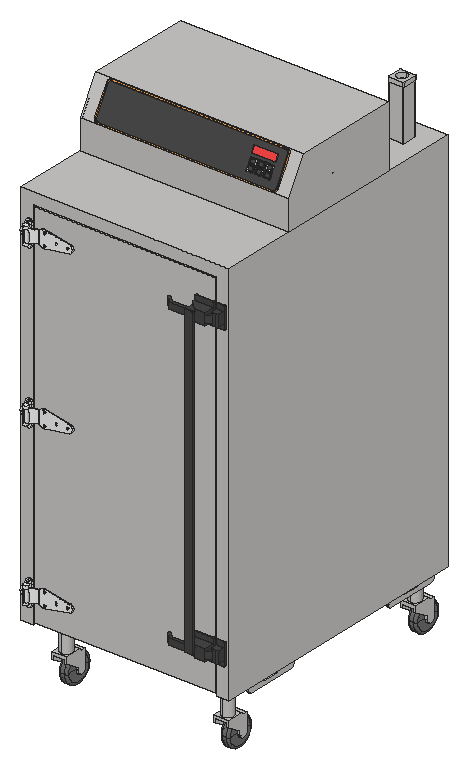
Revit family "QF_Southern Pride_SC-300", category Specialty Equipment, Revit 2019 (continued)
Forms (in)
  Extrusion 16, solid, material "QF_Stainless-Polished"
    sketch origin (-16.56573, 0, 0) x (0, 1, 0) y (0, 0, 1)
      loop
        arc (-26.6875, 7.1875) -> (-26.96875, 7.46875) -> (-26.6875, 7.75) r 0.28125
        line (-26.6875, 7.75) -> (-29.0625, 7.75)
      loop
        line (-8.25, 7.75) -> (-8.25, 7.25)
        arc (-8.25, 7.25) -> (-8.10355, 6.89645) -> (-7.75, 6.75) r 0.5
        line (-7.75, 6.75) -> (-2, 6.75)
        arc (-2, 6.75) -> (-1.64645, 6.89645) -> (-1.5, 7.25) r 0.5
        line (-1.5, 7.25) -> (-1.5, 7.75) -> (-3.875, 7.75)
        arc (-3.875, 7.75) -> (-3.59375, 7.46875) -> (-3.875, 7.1875) r 0.28125
        line (-3.875, 7.1875) -> (-5.875, 7.1875)
        arc (-5.875, 7.1875) -> (-6.15625, 7.46875) -> (-5.875, 7.75) r 0.28125
        line (-5.875, 7.75) -> (-8.25, 7.75)
    from 0.438 to 0.625
  Extrusion 17, solid, material "QF_Stainless-Polished"
    sketch origin (8.18427, 0, 0) x (0, 1, 0) y (0, 0, 1)
      loop
        line (-29.0625, 7.75) -> (-29.0625, 7.25)
        arc (-29.0625, 7.25) -> (-28.91605, 6.89645) -> (-28.5625, 6.75) r 0.5
        line (-28.5625, 6.75) -> (-22.8125, 6.75)
        arc (-22.8125, 6.75) -> (-22.45895, 6.89645) -> (-22.3125, 7.25) r 0.5
        line (-22.3125, 7.25) -> (-22.3125, 7.75) -> (-24.6875, 7.75)
        arc (-24.6875, 7.75) -> (-24.40625, 7.46875) -> (-24.6875, 7.1875) r 0.28125
        line (-24.6875, 7.1875) -> (-26.6875, 7.1875)
        arc (-26.6875, 7.1875) -> (-26.96875, 7.46875) -> (-26.6875, 7.75) r 0.28125
        line (-26.6875, 7.75) -> (-29.0625, 7.75)
      loop
        line (-8.25, 7.75) -> (-8.25, 7.25)
        arc (-8.25, 7.25) -> (-8.10355, 6.89645) -> (-7.75, 6.75) r 0.5
        line (-7.75, 6.75) -> (-2, 6.75)
        arc (-2, 6.75) -> (-1.64645, 6.89645) -> (-1.5, 7.25) r 0.5
        line (-1.5, 7.25) -> (-1.5, 7.75) -> (-3.875, 7.75)
        arc (-3.875, 7.75) -> (-3.59375, 7.46875) -> (-3.875, 7.1875) r 0.28125
        line (-3.875, 7.1875) -> (-5.875, 7.1875)
        arc (-5.875, 7.1875) -> (-6.15625, 7.46875) -> (-5.875, 7.75) r 0.28125
        line (-5.875, 7.75) -> (-8.25, 7.75)
    from -0.438 to -0.625
  Extrusion 18, solid, material "QF_Stainless-Polished"
    sketch origin (0, 0, 0) x (1, 0, 0) y (0, 0, 1)
      loop
        circle (5.93427, 13.375) r 0.125
    from 0 to -0.063
Cuts and joins
  joined: Extrusion 1, Extrusion 2
  Extrusion 7 cuts Extrusion 4
  Extrusion 7 cuts Extrusion 5
  Extrusion 7 cuts Extrusion 6
  joined: Extrusion 4, Extrusion 5, Extrusion 6
Lines and regions (in)
  symbolic lines
    curve 1: line (-16.56573, 0, 53.875) -> (8.18427, 0, 53.875)
    curve 2: line (-16.56573, -32.5, 53.875) -> (-16.56573, 0, 53.875)
    curve 3: line (8.18427, -32.5, 53.875) -> (-16.56573, -32.5, 53.875)
    curve 4: line (8.18427, 0, 53.875) -> (8.18427, -32.5, 53.875)
    curve 5: line (-16.56573, -23.625, 53.875) -> (8.18427, -23.625, 53.875)
    curve 6: line (8.18427, -8.75, 53.875) -> (-16.56573, -8.75, 53.875)
    curve 7: line (-16.56573, -21.375, 53.875) -> (8.18427, -21.375, 53.875)
    curve 8: line (5.99677, -2.0625, 53.875) -> (4.37177, -2.0625, 53.875)
    curve 9: line (4.24677, -2.1875, 53.875) -> (4.24677, -3.8125, 53.875)
    curve 10: arc (4.37177, -2.0625, 53.875) -> (4.28339, -2.09911, 53.875) -> (4.24677, -2.1875, 53.875) r 0.125
    curve 11: arc (6.12177, -2.1875, 53.875) -> (6.08516, -2.09911, 53.875) -> (5.99677, -2.0625, 53.875) r 0.125
    curve 12: line (6.12177, -3.8125, 53.875) -> (6.12177, -2.1875, 53.875)
    curve 13: arc (5.99677, -3.9375, 53.875) -> (6.08516, -3.90089, 53.875) -> (6.12177, -3.8125, 53.875) r 0.125
    curve 14: line (4.37177, -3.9375, 53.875) -> (5.99677, -3.9375, 53.875)
    curve 15: arc (4.24677, -3.8125, 53.875) -> (4.28339, -3.90089, 53.875) -> (4.37177, -3.9375, 53.875) r 0.125
    curve 16: arc (5.18427, -3.625, 53.875) -> (4.55927, -3, 53.875) -> (5.18427, -2.375, 53.875) r 0.625
    curve 17: arc (5.18427, -2.375, 53.875) -> (5.80927, -3, 53.875) -> (5.18427, -3.625, 53.875) r 0.625
Dimensions and locks (in)
  locked: plane 4 "RIGHT" to plane 3 "LEFT" at 24.75
  locked: plane 5 "FRONT" to plane 1 "BACK" at 32.5
  locked: plane 6 "TOP" to plane 2 at 61.25
  locked: plane 7 "Box Bottom" to level at 7.75
  locked: plane 6 "TOP" to plane 8 "Box Top" at 7.375
  locked: plane 9 "Door Back" to plane 5 "FRONT" at 1
  locked: plane 8 "Box Top" to plane 10 "Door Top" at 1.5
  equal spacing: plane 3 "LEFT", plane 11 "Center LR", plane 4 "RIGHT"
  locked: plane 12 "Door Left" to plane 13 "Door Right" at 21.5
  equal spacing: plane 12 "Door Left", plane 11 "Center LR", plane 13 "Door Right"
  locked: plane 14 "Door Bottom" to plane 7 "Box Bottom" at 0.25
  locked: plane 12 "Door Left" to Extrusion 1 sketch curve at 0.125
  locked: Extrusion 1 sketch curve to plane 13 "Door Right" at 0.125
  locked: Extrusion 1 sketch curve to plane 10 "Door Top" at 0.125
  locked: plane 12 "Door Left" to Extrusion 2 sketch curve at 0.125
  locked: Extrusion 2 sketch curve to plane 10 "Door Top" at 0.125
  locked: plane 13 "Door Right" to Extrusion 2 sketch curve at 0.125
  locked: plane 15 "Top Front" to plane 5 "FRONT" at 8.875
  locked: plane 16 "Top Back" to plane 15 "Top Front" at 14.875
  locked: plane 6 "TOP" to Extrusion 4 sketch curve at 3.875
  locked: plane 15 "Top Front" to Extrusion 4 sketch curve at 2.23723
  locked: Extrusion 4 sketch curve to plane 16 "Top Back" at 0.125
  locked: plane 6 "TOP" to Extrusion 4 sketch curve at 0.125
  locked: plane 15 "Top Front" to Extrusion 4 sketch curve at 0.125
  locked: plane 15 "Top Front" to Extrusion 4 sketch curve at 2.3094
  locked: plane 6 "TOP" to Extrusion 4 sketch curve at 3.90849
  locked: plane 17 "Flue Top" to plane 8 "Box Top" at 6.5625
  locked: plane 17 "Flue Top" to plane 18 "Flue Top Bottom" at 0.5
  locked: plane 20 "Flue CL FB" to plane 1 "BACK" at 3
  locked: plane 19 "Flue CL LR" to plane 4 "RIGHT" at 3
  locked: plane 21 "Lower Back" to plane 1 "BACK" at 2.25
  locked: plane 22 "Lower Front" to plane 21 "Lower Back" at 26.125
  Extrusion 14 sketch curve to plane 11 "Center LR" to Extrusion 14 sketch curve = 9.750" locked, 9.750" locked
  locked: plane 3 "LEFT" to nested 2 at 2.75
  locked: nested 4 to plane 4 "RIGHT" at 2.75
  locked: nested 2 to plane 1 "BACK" at 1.375
  locked: nested 4 to plane 1 "BACK" at 1.375
  locked: plane 3 "LEFT" to nested 3 at 2.75
  locked: nested 5 to plane 4 "RIGHT" at 2.75
  locked: nested 3 to plane 5 "FRONT" at 3.25
  locked: nested 5 to plane 5 "FRONT" at 3.25
  plane 3 "LEFT" to Extrusion 3 sketch curve = 2.750"
  locked: Extrusion 3 sketch curve to plane 1 "BACK" at 1.375  (x2)
  locked: Extrusion 3 sketch curve to plane 4 "RIGHT" at 2.75  (x2)
  locked: Extrusion 3 sketch curve to plane 5 "FRONT" at 3.25  (x2)
  locked: plane 3 "LEFT" to Extrusion 3 sketch curve at 2.75
  locked: plane 7 "Box Bottom" to Extrusion 18 sketch curve at 5.625
  locked: plane 4 "RIGHT" to Extrusion 18 sketch curve at 2.25
  aligned and locked: level to plane 2
  aligned and locked: Extrusion 1 sketch curve to plane 8 "Box Top"
  aligned and locked: plane 3 "LEFT" to Extrusion 1 sketch curve
  aligned and locked: Extrusion 1 sketch curve to plane 4 "RIGHT"
  aligned and locked: plane 7 "Box Bottom" to Extrusion 1 sketch curve
  aligned and locked: Extrusion 1 sketch curve to plane 7 "Box Bottom"
  aligned and locked: Extrusion 1 to plane 5 "FRONT"
  aligned and locked: plane 7 "Box Bottom" to Extrusion 2 sketch curve
  aligned and locked: Extrusion 2 to plane 9 "Door Back"
  aligned and locked: plane 12 "Door Left" to nested 1
  aligned and locked: plane 13 "Door Right" to nested 1
  aligned and locked: plane 14 "Door Bottom" to nested 1
  aligned and locked: plane 10 "Door Top" to nested 1
  aligned and locked: Extrusion 3 to nested 2
  aligned and locked: plane 6 "TOP" to Extrusion 4 sketch curve
  aligned and locked: plane 16 "Top Back" to Extrusion 4 sketch curve
  aligned and locked: plane 15 "Top Front" to Extrusion 4 sketch curve
  aligned and locked: Extrusion 4 sketch curve to plane 8 "Box Top"  (x2)
  aligned and locked: plane 4 "RIGHT" to Extrusion 4
  aligned and locked: plane 17 "Flue Top" to Extrusion 12
  aligned and locked: plane 18 "Flue Top Bottom" to Extrusion 13
  aligned and locked: nested 6 to plane 10 "Door Top"
  aligned and locked: nested 6 to plane 14 "Door Bottom"
  aligned and locked: plane 12 "Door Left" to nested 6
  aligned and locked: plane 13 "Door Right" to nested 6
  aligned and locked: plane 1 "BACK" to curve 1
  aligned and locked: plane 3 "LEFT" to curve 2
  aligned and locked: plane 5 "FRONT" to curve 3
  aligned and locked: curve 4 to plane 4 "RIGHT"
  aligned and locked: plane 16 "Top Back" to curve 6
  aligned and locked: curve 5 to plane 15 "Top Front"
  aligned and locked: plane 22 "Lower Front" to Extrusion 14
  aligned and locked: plane 22 "Lower Front" to Extrusion 15
Automatic sketch dimensions
  Extrusion 5 sketch curve to plane 8 "Box Top" = 0.000"
  plane 15 "Top Front" to Extrusion 5 sketch curve = 0.125"
  plane 15 "Top Front" to Extrusion 5 sketch curve = 1.500"
  Extrusion 5 sketch curve to Extrusion 5 sketch curve = 0.0625"  (x38)
  Extrusion 5 sketch curve to Extrusion 5 sketch curve = 0.250"  (x60)
  Extrusion 5 sketch curve to plane 6 "TOP" = 0.125"
  Extrusion 5 sketch curve to Extrusion 5 sketch curve = 0.0594"
  Extrusion 5 sketch curve to Extrusion 5 sketch curve = 0.750"  (x37)
  Extrusion 5 sketch curve to Extrusion 5 sketch curve = 1.125"  (x2)
  Extrusion 5 sketch curve to plane 16 "Top Back" = 0.125"
  plane 8 "Box Top" to Extrusion 5 sketch curve = 1.750"  (x2)
  Extrusion 5 sketch curve to Extrusion 5 sketch curve = 0.000"  (x5)
  Extrusion 5 sketch curve to Extrusion 5 sketch curve = 0.96651"
  Extrusion 5 sketch curve to plane 18 "Flue Top Bottom" = 0.3125"  (x7)
  Extrusion 6 sketch curve to plane 8 "Box Top" = 0.000"
  plane 15 "Top Front" to Extrusion 6 sketch curve = 0.125"
  plane 15 "Top Front" to Extrusion 6 sketch curve = 1.500"
  Extrusion 6 sketch curve to Extrusion 6 sketch curve = 0.0625"  (x38)
  Extrusion 6 sketch curve to Extrusion 6 sketch curve = 0.250"  (x60)
  Extrusion 6 sketch curve to plane 6 "TOP" = 0.125"
  Extrusion 6 sketch curve to Extrusion 6 sketch curve = 0.0594"
  Extrusion 6 sketch curve to Extrusion 6 sketch curve = 0.750"  (x37)
  Extrusion 6 sketch curve to Extrusion 6 sketch curve = 1.125"  (x2)
  Extrusion 6 sketch curve to plane 16 "Top Back" = 0.125"
  plane 8 "Box Top" to Extrusion 6 sketch curve = 1.750"  (x2)
  Extrusion 6 sketch curve to Extrusion 6 sketch curve = 0.000"  (x5)
  Extrusion 6 sketch curve to Extrusion 6 sketch curve = 0.96651"
  Extrusion 6 sketch curve to plane 18 "Flue Top Bottom" = 0.3125"  (x7)
  Extrusion 7 sketch curve to plane 19 "Flue CL LR" = 0.000"
  Extrusion 7 sketch curve to plane 11 "Center LR" = 0.000"
  Extrusion 7 sketch curve to Extrusion 7 sketch curve = 0.0625"  (x68)
  plane 19 "Flue CL LR" to Extrusion 7 sketch curve = 0.3125"
  Extrusion 7 sketch curve to plane 13 "Door Right" = 0.6875"
  Extrusion 7 sketch curve to plane 13 "Door Right" = 0.3125"
  Extrusion 7 sketch curve to plane 13 "Door Right" = 0.1875"
  plane 13 "Door Right" to Extrusion 7 sketch curve = 0.1875"
  Extrusion 7 sketch curve to plane 19 "Flue CL LR" = 0.3125"
  Extrusion 7 sketch curve to plane 19 "Flue CL LR" = 0.4375"
  Extrusion 7 sketch curve to Extrusion 7 sketch curve = 0.250"  (x96)
  Extrusion 7 sketch curve to Extrusion 7 sketch curve = 0.750"  (x64)
  Extrusion 7 sketch curve to Extrusion 7 sketch curve = 1.125"  (x5)
  plane 11 "Center LR" to Extrusion 7 sketch curve = 0.8125"
  plane 11 "Center LR" to Extrusion 7 sketch curve = 0.4375"
  plane 11 "Center LR" to Extrusion 7 sketch curve = 0.0625"
  Extrusion 7 sketch curve to plane 11 "Center LR" = 0.3125"
  Extrusion 7 sketch curve to plane 11 "Center LR" = 0.6875"
  Extrusion 7 sketch curve to plane 11 "Center LR" = 0.8125"
  Extrusion 7 sketch curve to plane 18 "Flue Top Bottom" = 0.3125"  (x14)
  plane 12 "Door Left" to Extrusion 7 sketch curve = 0.3125"
  plane 12 "Door Left" to Extrusion 7 sketch curve = 0.1875"
  Extrusion 7 sketch curve to plane 12 "Door Left" = 0.1875"
  Extrusion 7 sketch curve to plane 18 "Flue Top Bottom" = 1.0625"  (x9)
  Extrusion 7 sketch curve to Extrusion 7 sketch curve = 0.500"
  Extrusion 7 sketch curve to Extrusion 7 sketch curve = 0.000"
  Extrusion 8 sketch curve to Extrusion 8 sketch curve = 0.000"  (x8)
  Extrusion 8 sketch curve to plane 13 "Door Right" = 0.000"
  Extrusion 8 sketch curve to plane 12 "Door Left" = 0.000"
  plane 13 "Door Right" to Extrusion 8 sketch curve = 0.125"
  Extrusion 8 sketch curve to Extrusion 8 sketch curve = 0.375"  (x2)
  plane 12 "Door Left" to Extrusion 8 sketch curve = 0.375"  (x2)
  Extrusion 8 sketch curve to Extrusion 8 sketch curve = 3.3875"
  Extrusion 9 sketch curve to plane 13 "Door Right" = 0.000"
  Extrusion 9 sketch curve to plane 12 "Door Left" = 0.000"
  Extrusion 9 sketch curve to Extrusion 9 sketch curve = 0.375"  (x2)
  Extrusion 9 sketch curve to plane 13 "Door Right" = 0.375"
  plane 19 "Flue CL LR" to Extrusion 9 sketch curve = 0.375"
  plane 19 "Flue CL LR" to Extrusion 9 sketch curve = 0.3125"  (x2)
  Extrusion 9 sketch curve to Extrusion 9 sketch curve = 0.063"  (x24)
  Extrusion 9 sketch curve to plane 19 "Flue CL LR" = 0.3745"
  Extrusion 9 sketch curve to Extrusion 9 sketch curve = 0.000"  (x6)
  Extrusion 9 sketch curve to Extrusion 9 sketch curve = 0.250"  (x3)
  Extrusion 9 sketch curve to Extrusion 9 sketch curve = 0.624"  (x3)
  Extrusion 9 sketch curve to Extrusion 9 sketch curve = 0.0625"
  plane 12 "Door Left" to Extrusion 9 sketch curve = 0.375"  (x2)
  Extrusion 9 sketch curve to Extrusion 9 sketch curve = 0.50625"
  Extrusion 9 sketch curve to Extrusion 9 sketch curve = 0.499"  (x5)
  Extrusion 9 sketch curve to Extrusion 9 sketch curve = 0.125"  (x3)
  Extrusion 9 sketch curve to Extrusion 9 sketch curve = 0.750"
  Extrusion 9 sketch curve to Extrusion 9 sketch curve = 0.38125"
  plane 19 "Flue CL LR" to Extrusion 10 sketch curve = 0.375"
  Extrusion 10 sketch curve to plane 19 "Flue CL LR" = 2.500"
  Extrusion 10 sketch curve to Extrusion 10 sketch curve = 0.750"
  plane 19 "Flue CL LR" to Extrusion 11 sketch curve = 0.3125"
  Extrusion 11 sketch curve to Extrusion 11 sketch curve = 0.000"  (x6)
  Extrusion 11 sketch curve to Extrusion 11 sketch curve = 0.063"  (x24)
  Extrusion 11 sketch curve to plane 19 "Flue CL LR" = 0.3745"  (x2)
  Extrusion 11 sketch curve to Extrusion 11 sketch curve = 0.250"  (x3)
  Extrusion 11 sketch curve to Extrusion 11 sketch curve = 0.624"  (x3)
  Extrusion 11 sketch curve to Extrusion 11 sketch curve = 0.499"  (x5)
  Extrusion 11 sketch curve to Extrusion 11 sketch curve = 0.125"  (x3)
  Extrusion 12 sketch curve to plane 19 "Flue CL LR" = 0.000"
  plane 20 "Flue CL FB" to Extrusion 12 sketch curve = 0.000"
  Extrusion 12 sketch curve to plane 13 "Door Right" = 0.4375"
  plane 20 "Flue CL FB" to Extrusion 12 sketch curve = 0.8125"  (x2)
  Extrusion 12 sketch curve to Extrusion 12 sketch curve = 0.125"  (x2)
  Extrusion 12 sketch curve to plane 21 "Lower Back" = 0.0625"  (x2)
  Extrusion 12 sketch curve to plane 19 "Flue CL LR" = 0.8125"
  Extrusion 13 sketch curve to plane 19 "Flue CL LR" = 0.000"
  plane 20 "Flue CL FB" to Extrusion 13 sketch curve = 0.000"
  Extrusion 13 sketch curve to plane 13 "Door Right" = 0.5625"
  plane 20 "Flue CL FB" to Extrusion 13 sketch curve = 0.8125"  (x2)
  Extrusion 13 sketch curve to Extrusion 13 sketch curve = 0.062"  (x2)
  Extrusion 13 sketch curve to plane 21 "Lower Back" = 0.0625"  (x2)
  Extrusion 13 sketch curve to plane 19 "Flue CL LR" = 0.8125"
  curve 16 to curve 17 = 0.000"  (x2)
  curve 16 to plane 19 "Flue CL LR" = 0.000"
  plane 20 "Flue CL FB" to curve 17 = 0.000"
  plane 20 "Flue CL FB" to curve 14 = 0.9375"
  curve 13 to curve 12 = 0.125"
  curve 15 to curve 15 = 0.125"
  curve 11 to plane 21 "Lower Back" = 0.0625"
  curve 10 to plane 21 "Lower Back" = 0.0625"
  curve 10 to curve 8 = 0.125"
  curve 12 to plane 13 "Door Right" = 0.4375"
  curve 8 to plane 19 "Flue CL LR" = 0.8125"
  plane 15 "Top Front" to curve 7 = 2.250"
  curve 16 to curve 16 = 0.625"
  Extrusion 14 sketch curve to plane 7 "Box Bottom" = 0.000"
  Extrusion 14 sketch curve to plane 7 "Box Bottom" = 0.375"
  Extrusion 15 sketch curve to Extrusion 15 sketch curve = 0.000"  (x8)
  Extrusion 15 sketch curve to plane 7 "Box Bottom" = 0.375"
  plane 12 "Door Left" to Extrusion 15 sketch curve = 3.375"
  Extrusion 15 sketch curve to Extrusion 15 sketch curve = 0.625"  (x4)
  Extrusion 15 sketch curve to Extrusion 15 sketch curve = 0.0625"  (x2)
  Extrusion 15 sketch curve to Extrusion 15 sketch curve = 0.063"  (x2)
  Extrusion 15 sketch curve to Extrusion 15 sketch curve = 0.062"  (x2)
  Extrusion 15 sketch curve to plane 7 "Box Bottom" = 1.1875"
  Extrusion 15 sketch curve to plane 19 "Flue CL LR" = 3.4375"
  Extrusion 15 sketch curve to Extrusion 15 sketch curve = 0.687"
  Extrusion 15 sketch curve to plane 7 "Box Bottom" = 0.5005"
  Extrusion 16 sketch curve to plane 7 "Box Bottom" = 0.000"  (x4)
  plane 22 "Lower Front" to Extrusion 16 sketch curve = 0.6875"
  plane 22 "Lower Front" to Extrusion 16 sketch curve = 0.1875"
  Extrusion 16 sketch curve to plane 22 "Lower Front" = 1.6875"
  Extrusion 16 sketch curve to plane 7 "Box Bottom" = 0.28125"  (x2)
  Extrusion 16 sketch curve to plane 15 "Top Front" = 1.0625"
  plane 15 "Top Front" to Extrusion 16 sketch curve = 0.8125"
  Extrusion 16 sketch curve to Extrusion 16 sketch curve = 0.500"  (x3)
  plane 16 "Top Back" to Extrusion 16 sketch curve = 0.500"
  Extrusion 16 sketch curve to Extrusion 16 sketch curve = 1.875"
  plane 20 "Flue CL FB" to Extrusion 16 sketch curve = 0.875"
  Extrusion 16 sketch curve to plane 21 "Lower Back" = 0.250"
  Extrusion 16 sketch curve to plane 7 "Box Bottom" = 1.000"  (x2)
  Extrusion 17 sketch curve to plane 7 "Box Bottom" = 0.000"  (x4)
  plane 22 "Lower Front" to Extrusion 17 sketch curve = 0.6875"
  plane 22 "Lower Front" to Extrusion 17 sketch curve = 0.1875"
  Extrusion 17 sketch curve to plane 22 "Lower Front" = 1.6875"
  Extrusion 17 sketch curve to plane 7 "Box Bottom" = 0.28125"  (x2)
  Extrusion 17 sketch curve to plane 15 "Top Front" = 1.0625"
  plane 15 "Top Front" to Extrusion 17 sketch curve = 0.8125"
  Extrusion 17 sketch curve to Extrusion 17 sketch curve = 0.500"  (x3)
  plane 16 "Top Back" to Extrusion 17 sketch curve = 0.500"
  Extrusion 17 sketch curve to Extrusion 17 sketch curve = 1.875"
  plane 20 "Flue CL FB" to Extrusion 17 sketch curve = 0.875"
  Extrusion 17 sketch curve to plane 21 "Lower Back" = 0.250"
  Extrusion 17 sketch curve to plane 7 "Box Bottom" = 1.000"  (x2)
  radius of Extrusion 3 sketch curve = 0.6875"  (x4)
  radius of Extrusion 12 sketch curve = 0.625"
  radius of Extrusion 13 sketch curve = 0.625"
  radius of Extrusion 18 sketch curve = 0.125"
Nested families (in)
  nested 1: "Southern Pride_Door-2" at (1.625, -31.5, 8), Show Clearance <- "Show Clearance", visible <- "Left Hand Door Hinge", type "Southern Pride_Door-2"
    with Width 21.500", Symbolic Lines yes, Show Clearance yes, Height 44.375", Door Symbolic Lines no
  nested 2: "FESCasterLeg-2018" at (2.75, -1.375, 0), type "FESCasterLeg-2018"
    with Standard Caster Mount yes, Overall Height 4.500", Optional Caster Mount no, Mount Depth 1.250", Leg Material QF_Stainless-Polished, Leg no, Caster Straight SL no, Caster Radius 1.750", Caster Mount Diameter 1.250", Caster 45 Degree SL yes, Caster 45 Degree Lines yes, Caster yes
  nested 3: "FESCasterLeg-2018" at (2.75, -29.25, 0), type "FESCasterLeg-2018"
    with Standard Caster Mount yes, Overall Height 4.500", Optional Caster Mount no, Mount Depth 1.250", Leg Material QF_Stainless-Polished, Leg no, Caster Straight SL no, Caster Radius 1.750", Caster Mount Diameter 1.250", Caster 45 Degree SL yes, Caster 45 Degree Lines yes, Caster yes
  nested 4: "FESCasterLeg-2018" at (22, -1.375, 0), type "FESCasterLeg-2018"
    with Standard Caster Mount yes, Overall Height 4.500", Optional Caster Mount no, Mount Depth 1.250", Leg Material QF_Stainless-Polished, Leg no, Caster Straight SL no, Caster Radius 1.750", Caster Mount Diameter 1.250", Caster 45 Degree SL yes, Caster 45 Degree Lines yes, Caster yes
  nested 5: "FESCasterLeg-2018" at (22, -29.25, 0), type "FESCasterLeg-2018"
    with Standard Caster Mount yes, Overall Height 4.500", Optional Caster Mount no, Mount Depth 1.250", Leg Material QF_Stainless-Polished, Leg no, Caster Straight SL no, Caster Radius 1.750", Caster Mount Diameter 1.250", Caster 45 Degree SL yes, Caster 45 Degree Lines yes, Caster yes
  nested 6: "Southern Pride_Door-2" at (-10.00645, -31.5, 8) x (-1, 0, 0) z (0, 0, 1), Show Clearance <- "Show Clearance", visible <- "Optional Right Hand Door Hinge", type "Southern Pride_Door-2"
    with Width 21.500", Symbolic Lines yes, Show Clearance yes, Height 44.375", Door Symbolic Lines no
  nested 7: "Southern Pride_Pan" at (6.125, -4.75, 6.6255), type "Southern Pride_Pan"
    with Width 12.500", Symbolic Lines no, Pan Depth 2.000", Material QF_Stainless-Polished, Horizontal Depth 20.000"
Connectors (in)
  electrical at (5.93427, 0.063, 13.375), driven by "Number of Poles", driven by "Volts", driven by "Apparent Power"
    settings: on Extrusion 18, index 1, voltage 208 V, apparent load 6240 VA, apparent load phase1 0 VA, apparent load phase2 0 VA, apparent load phase3 0 VA, power factor 1, load classification "Other", number of poles 1, system type 30, power factor state 1, is connector primary yes, connector utility no, sub classification motor no, connector description "Electric Connection"
Definition of nested family "Southern Pride_Door-2"
  Parameters (values of type "Southern Pride_Door-2")
    Width [instance] = 21.500"
    Watermarked By = ""
    Symbolic Lines [instance] = yes
    Show Clearance [instance] = yes
    Model = ""
    Manufacturer = ""
    Keynote = ""
    Height [instance] = 44.375"
    Door Symbolic Lines [instance] = yes
    Description = ""
  Reference planes (in)
    plane 1 "BACK": y = 0
    plane 2: z = 0
    plane 3 "LEFT": x = -16.56573
    plane 4 "FRONT": y = -1
    plane 5 "RIGHT": x = 4.93427
    plane 6 "TOP": z = 44.375
    plane 7 "Center Elev": z = 22.1875
    plane 8 "Left Hinge CL LR": x = -17.23773
    plane 9 "Left Top Hinge CL Elev": z = 41.375
    plane 10 "Left Bottom Hinge CL Elev": z = 3
    plane 11 "Left Hinge CL FB": y = -1.5
    plane 12: x = -15.98933
    plane 13 "Handle Front": y = -2.4375
    plane 14 "Handle Bar Front": y = -2.5625
    plane 15 "Top Handle Bottom Inside": z = 40.125
    plane 16 "Top Handle Top Inside": z = 40.875
    plane 17 "Bottom Handle Bottom Inside": z = 4.25
    plane 18 "Bottom Handle Top Inside": z = 5
    plane 19: x = 5.18427
    plane 20: x = 6.18427
    plane 21 "Top Handle Top": z = 41.1875
    plane 22 "Top Handle Bottom": z = 39.8125
    plane 23 "Bottom Handle Bottom": z = 3.9375
    plane 24 "Bottom Handle Top": z = 5.3125
    plane 25 "Center F/FF": y = -23.5
  Forms (in)
    Extrusion 1, solid
      sketch origin (0, 0, 0) x (1, 0, 0) y (0, 0, 1)
        loop
          line (-16.56573, 44.375) -> (-16.56573, 0) -> (4.93427, 0) -> (4.93427, 44.375) -> (-16.56573, 44.375)
      from 0 to 1
    Extrusion 2, solid
      sketch origin (0, -1, 0.75) x (-1, 0, 0) y (0, 0, 1)
        loop
          arc (16.79803, 1.2556) -> (16.83845, 1.02833) -> (16.95477, 0.82895) r 0.65903
          arc (16.95477, 0.82895) -> (17.27741, 0.72067) -> (17.52364, 0.9556) r 0.3294
          arc (17.52364, 0.9556) -> (17.72297, 1.43335) -> (18.03781, 1.84428) r 2.00827
          arc (18.03781, 1.84428) -> (18.20973, 2.25) -> (18.03781, 2.65572) r 0.5647
          arc (18.03781, 2.65572) -> (17.72297, 3.06665) -> (17.52364, 3.5444) r 2.00827
          arc (17.52364, 3.5444) -> (17.27741, 3.77933) -> (16.95477, 3.67105) r 0.3294
          arc (16.95477, 3.67105) -> (16.83845, 3.47167) -> (16.79803, 3.2444) r 0.65903
          line (16.79803, 3.2444) -> (16.79803, 1.2556)
        loop
          circle (17.20583, 3.4578) r 0.1666
        loop
          circle (17.20583, 1.0422) r 0.1666
        loop
          circle (17.80183, 2.25) r 0.1666
        loop
          line (15.19943, 3.2426) -> (12.29782, 2.71172)
          arc (12.29782, 2.71172) -> (11.97893, 2.25) -> (12.29782, 1.78828) r 0.4937
          line (12.29782, 1.78828) -> (15.19943, 1.2574)
          arc (15.19943, 1.2574) -> (15.46879, 1.26158) -> (15.71603, 1.3686) r 0.68996
          arc (15.71603, 1.3686) -> (15.84826, 1.44845) -> (15.98933, 1.5114) r 1.25149
          line (15.98933, 1.5114) -> (15.98933, 2.9886)
          arc (15.98933, 2.9886) -> (15.84826, 3.05155) -> (15.71603, 3.1314) r 1.25149
          arc (15.71603, 3.1314) -> (15.46879, 3.23842) -> (15.19943, 3.2426) r 0.68996
        loop
          circle (12.47263, 2.25) r 0.1666
        loop
          circle (13.85293, 2.25) r 0.1666
        loop
          circle (15.23323, 2.9715) r 0.1666
        loop
          circle (15.23323, 1.5285) r 0.1666
      from 0 to -0.125
    Extrusion 3, solid
      sketch origin (0, 0, 41.375) x (0, 1, 0) y (-1, 0, 0)
        loop
          arc (-1.5, 17.54943) -> (-1.8117, 17.23773) -> (-1.5, 16.92603) r 0.3117
          line (-1.5, 16.92603) -> (-1.125, 16.92603) -> (-1.125, 17.54943) -> (-1.5, 17.54943)
      from 0.753 to 1.004
    Extrusion 4, solid
      sketch origin (0, 0, 41.375) x (0, 1, 0) y (-1, 0, 0)
        loop
          arc (-1.5, 17.54943) -> (-1.8117, 17.23773) -> (-1.5, 16.92603) r 0.3117
          line (-1.5, 16.92603) -> (-1.125, 16.92603) -> (-1.125, 17.54943) -> (-1.5, 17.54943)
      from -0.753 to -1.004
    Extrusion 5, solid
      sketch origin (0, 0, 41.375) x (0, 1, 0) y (-1, 0, 0)
        loop
          circle (-1.5, 17.23773) r 0.2866
      from -0.753 to 0.753
    Extrusion 6, solid
      sketch origin (0, 0, 22.1875) x (0, 1, 0) y (-1, 0, 0)
        loop
          arc (-1.5, 17.54943) -> (-1.8117, 17.23773) -> (-1.5, 16.92603) r 0.3117
          line (-1.5, 16.92603) -> (-1.125, 16.92603) -> (-1.125, 17.54943) -> (-1.5, 17.54943)
      from 0.753 to 1.004
    Extrusion 7, solid
      sketch origin (0, 0, 22.1875) x (0, 1, 0) y (-1, 0, 0)
        loop
          arc (-1.5, 17.54943) -> (-1.8117, 17.23773) -> (-1.5, 16.92603) r 0.3117
          line (-1.5, 16.92603) -> (-1.125, 16.92603) -> (-1.125, 17.54943) -> (-1.5, 17.54943)
      from -0.753 to -1.004
    Extrusion 8, solid
      sketch origin (0, 0, 22.1875) x (0, 1, 0) y (-1, 0, 0)
        loop
          circle (-1.5, 17.23773) r 0.2866
      from -0.753 to 0.753
    Extrusion 9, solid
      sketch origin (0, 0, 3) x (0, 1, 0) y (-1, 0, 0)
        loop
          arc (-1.5, 17.54943) -> (-1.8117, 17.23773) -> (-1.5, 16.92603) r 0.3117
          line (-1.5, 16.92603) -> (-1.125, 16.92603) -> (-1.125, 17.54943) -> (-1.5, 17.54943)
      from 0.753 to 1.004
    Extrusion 10, solid
      sketch origin (0, 0, 3) x (0, 1, 0) y (-1, 0, 0)
        loop
          arc (-1.5, 17.54943) -> (-1.8117, 17.23773) -> (-1.5, 16.92603) r 0.3117
          line (-1.5, 16.92603) -> (-1.125, 16.92603) -> (-1.125, 17.54943) -> (-1.5, 17.54943)
      from -0.753 to -1.004
    Extrusion 11, solid
      sketch origin (0, 0, 3) x (0, 1, 0) y (-1, 0, 0)
        loop
          circle (-1.5, 17.23773) r 0.2866
      from -0.753 to 0.753
    Extrusion 12, solid
      sketch origin (0, 0, 41.375) x (0, 1, 0) y (-1, 0, 0)
        loop
          arc (-1.21603, 17.19896) -> (-1.63613, 17.48993) -> (-1.62344, 16.97907) r 0.2866
          arc (-1.62344, 16.97907) -> (-1.2979, 16.52263) -> (-1.125, 15.98933) r 1.83922
          line (-1.125, 15.98933) -> (-0.99848, 15.98933)
          arc (-0.99848, 15.98933) -> (-1.04625, 16.21467) -> (-1.12007, 16.43288) r 1.96422
          arc (-1.12007, 16.43288) -> (-1.21819, 16.80964) -> (-1.21603, 17.19896) r 1.5
      from -0.739 to 0.739
    Extrusion 13, solid
      sketch origin (0, 0, 22.1875) x (0, 1, 0) y (-1, 0, 0)
        loop
          arc (-1.21603, 17.19896) -> (-1.63613, 17.48993) -> (-1.62344, 16.97907) r 0.2866
          arc (-1.62344, 16.97907) -> (-1.2979, 16.52263) -> (-1.125, 15.98933) r 1.83922
          line (-1.125, 15.98933) -> (-0.99848, 15.98933)
          arc (-0.99848, 15.98933) -> (-1.04625, 16.21467) -> (-1.12007, 16.43288) r 1.96422
          arc (-1.12007, 16.43288) -> (-1.21819, 16.80964) -> (-1.21603, 17.19896) r 1.5
      from -0.739 to 0.739
    Extrusion 14, solid
      sketch origin (0, 0, 3) x (0, 1, 0) y (-1, 0, 0)
        loop
          arc (-1.21603, 17.19896) -> (-1.63613, 17.48993) -> (-1.62344, 16.97907) r 0.2866
          arc (-1.62344, 16.97907) -> (-1.2979, 16.52263) -> (-1.125, 15.98933) r 1.83922
          line (-1.125, 15.98933) -> (-0.99848, 15.98933)
          arc (-0.99848, 15.98933) -> (-1.04625, 16.21467) -> (-1.12007, 16.43288) r 1.96422
          arc (-1.12007, 16.43288) -> (-1.21819, 16.80964) -> (-1.21603, 17.19896) r 1.5
      from -0.739 to 0.739
    Extrusion 15, solid
      sketch origin (0, -1, -0.75) x (-1, 0, 0) y (0, 0, 1)
        loop
          arc (16.79803, 41.1306) -> (16.83845, 40.90333) -> (16.95477, 40.70395) r 0.65903
          arc (16.95477, 40.70395) -> (17.27741, 40.59567) -> (17.52364, 40.8306) r 0.3294
          arc (17.52364, 40.8306) -> (17.72297, 41.30835) -> (18.03781, 41.71928) r 2.00827
          arc (18.03781, 41.71928) -> (18.20973, 42.125) -> (18.03781, 42.53072) r 0.5647
          arc (18.03781, 42.53072) -> (17.72297, 42.94165) -> (17.52364, 43.4194) r 2.00827
          arc (17.52364, 43.4194) -> (17.27741, 43.65433) -> (16.95477, 43.54605) r 0.3294
          arc (16.95477, 43.54605) -> (16.83845, 43.34667) -> (16.79803, 43.1194) r 0.65903
          line (16.79803, 43.1194) -> (16.79803, 41.1306)
        loop
          circle (17.20583, 43.3328) r 0.1666
        loop
          circle (17.20583, 40.9172) r 0.1666
        loop
          circle (17.80183, 42.125) r 0.1666
        loop
          line (15.19943, 43.1176) -> (12.29782, 42.58672)
          arc (12.29782, 42.58672) -> (11.97893, 42.125) -> (12.29782, 41.66328) r 0.4937
          line (12.29782, 41.66328) -> (15.19943, 41.1324)
          arc (15.19943, 41.1324) -> (15.46879, 41.13658) -> (15.71603, 41.2436) r 0.68996
          arc (15.71603, 41.2436) -> (15.84826, 41.32345) -> (15.98933, 41.3864) r 1.25149
          line (15.98933, 41.3864) -> (15.98933, 42.8636)
          arc (15.98933, 42.8636) -> (15.84826, 42.92655) -> (15.71603, 43.0064) r 1.25149
          arc (15.71603, 43.0064) -> (15.46879, 43.11342) -> (15.19943, 43.1176) r 0.68996
        loop
          circle (12.47263, 42.125) r 0.1666
        loop
          circle (13.85293, 42.125) r 0.1666
        loop
          circle (15.23323, 42.8465) r 0.1666
        loop
          circle (15.23323, 41.4035) r 0.1666
      from 0 to -0.125
    Extrusion 16, solid
      sketch origin (0, -1, 0.0004) x (-1, 0, 0) y (0, 0, 1)
        loop
          arc (16.79803, 21.1931) -> (16.83845, 20.96583) -> (16.95477, 20.76645) r 0.65903
          arc (16.95477, 20.76645) -> (17.27741, 20.65817) -> (17.52364, 20.8931) r 0.3294
          arc (17.52364, 20.8931) -> (17.72297, 21.37085) -> (18.03781, 21.78178) r 2.00827
          arc (18.03781, 21.78178) -> (18.20973, 22.1875) -> (18.03781, 22.59322) r 0.5647
          arc (18.03781, 22.59322) -> (17.72297, 23.00415) -> (17.52364, 23.4819) r 2.00827
          arc (17.52364, 23.4819) -> (17.27741, 23.71683) -> (16.95477, 23.60855) r 0.3294
          arc (16.95477, 23.60855) -> (16.83845, 23.40917) -> (16.79803, 23.1819) r 0.65903
          line (16.79803, 23.1819) -> (16.79803, 21.1931)
        loop
          circle (17.20583, 23.3953) r 0.1666
        loop
          circle (17.20583, 20.9797) r 0.1666
        loop
          circle (17.80183, 22.1875) r 0.1666
        loop
          line (15.19943, 23.1801) -> (12.29782, 22.64922)
          arc (12.29782, 22.64922) -> (11.97893, 22.1875) -> (12.29782, 21.72578) r 0.4937
          line (12.29782, 21.72578) -> (15.19943, 21.1949)
          arc (15.19943, 21.1949) -> (15.46879, 21.19908) -> (15.71603, 21.3061) r 0.68996
          arc (15.71603, 21.3061) -> (15.84826, 21.38595) -> (15.98933, 21.4489) r 1.25149
          line (15.98933, 21.4489) -> (15.98933, 22.9261)
          arc (15.98933, 22.9261) -> (15.84826, 22.98905) -> (15.71603, 23.0689) r 1.25149
          arc (15.71603, 23.0689) -> (15.46879, 23.17592) -> (15.19943, 23.1801) r 0.68996
        loop
          circle (12.47263, 22.1875) r 0.1666
        loop
          circle (13.85293, 22.1875) r 0.1666
        loop
          circle (15.23323, 22.909) r 0.1666
        loop
          circle (15.23323, 21.466) r 0.1666
      from 0 to -0.125
    Extrusion 17, solid
      sketch origin (0, -1, 0) x (-1, 0, 0) y (0, 0, 1)
        loop
          line (-5.18427, 39.3125) -> (-5.18427, 41.6875)
          arc (-5.18427, 41.6875) -> (-5.22089, 41.77589) -> (-5.30927, 41.8125) r 0.125
          line (-5.30927, 41.8125) -> (-6.05927, 41.8125)
          arc (-6.05927, 41.8125) -> (-6.14766, 41.77589) -> (-6.18427, 41.6875) r 0.125
          line (-6.18427, 41.6875) -> (-6.18427, 39.3125)
          arc (-6.18427, 39.3125) -> (-6.14766, 39.22411) -> (-6.05927, 39.1875) r 0.125
          line (-6.05927, 39.1875) -> (-5.30927, 39.1875)
          arc (-5.30927, 39.1875) -> (-5.22089, 39.22411) -> (-5.18427, 39.3125) r 0.125
        loop
          line (-2.62177, 39.3125) -> (-2.62177, 41.6875)
          arc (-2.62177, 41.6875) -> (-2.65839, 41.77589) -> (-2.74677, 41.8125) r 0.125
          line (-2.74677, 41.8125) -> (-4.74677, 41.8125)
          arc (-4.74677, 41.8125) -> (-4.83516, 41.77589) -> (-4.87177, 41.6875) r 0.125
          line (-4.87177, 41.6875) -> (-4.87177, 39.3125)
          arc (-4.87177, 39.3125) -> (-4.83516, 39.22411) -> (-4.74677, 39.1875) r 0.125
          line (-4.74677, 39.1875) -> (-2.74677, 39.1875)
          arc (-2.74677, 39.1875) -> (-2.65839, 39.22411) -> (-2.62177, 39.3125) r 0.125
      from 0 to -0.125
    Extrusion 18, solid
      sketch origin (0, -1, -35.875) x (-1, 0, 0) y (0, 0, 1)
        loop
          line (-5.18427, 39.3125) -> (-5.18427, 41.6875)
          arc (-5.18427, 41.6875) -> (-5.22089, 41.77589) -> (-5.30927, 41.8125) r 0.125
          line (-5.30927, 41.8125) -> (-6.05927, 41.8125)
          arc (-6.05927, 41.8125) -> (-6.14766, 41.77589) -> (-6.18427, 41.6875) r 0.125
          line (-6.18427, 41.6875) -> (-6.18427, 39.3125)
          arc (-6.18427, 39.3125) -> (-6.14766, 39.22411) -> (-6.05927, 39.1875) r 0.125
          line (-6.05927, 39.1875) -> (-5.30927, 39.1875)
          arc (-5.30927, 39.1875) -> (-5.22089, 39.22411) -> (-5.18427, 39.3125) r 0.125
        loop
          line (-2.62177, 39.3125) -> (-2.62177, 41.6875)
          arc (-2.62177, 41.6875) -> (-2.65839, 41.77589) -> (-2.74677, 41.8125) r 0.125
          line (-2.74677, 41.8125) -> (-4.74677, 41.8125)
          arc (-4.74677, 41.8125) -> (-4.83516, 41.77589) -> (-4.87177, 41.6875) r 0.125
          line (-4.87177, 41.6875) -> (-4.87177, 39.3125)
          arc (-4.87177, 39.3125) -> (-4.83516, 39.22411) -> (-4.74677, 39.1875) r 0.125
          line (-4.74677, 39.1875) -> (-2.74677, 39.1875)
          arc (-2.74677, 39.1875) -> (-2.65839, 39.22411) -> (-2.62177, 39.3125) r 0.125
      from 0 to -0.125
    Extrusion 19, solid
      sketch origin (0, -2.5625, 0) x (-1, 0, 0) y (0, 0, 1)
        loop
          arc (-3.49677, 4.375) -> (-3.46016, 4.28661) -> (-3.37177, 4.25) r 0.125
          line (-3.37177, 4.25) -> (-2.62177, 4.25)
          arc (-2.62177, 4.25) -> (-2.53339, 4.28661) -> (-2.49677, 4.375) r 0.125
          line (-2.49677, 4.375) -> (-2.49677, 40.75)
          arc (-2.49677, 40.75) -> (-2.53339, 40.83839) -> (-2.62177, 40.875) r 0.125
          line (-2.62177, 40.875) -> (-3.37177, 40.875)
          arc (-3.37177, 40.875) -> (-3.46016, 40.83839) -> (-3.49677, 40.75) r 0.125
          line (-3.49677, 40.75) -> (-3.49677, 4.375)
      from 0 to 0.125
    Extrusion 20, solid
      sketch origin (0, 0, 4.25) x (0, 1, 0) y (-1, 0, 0)
        loop
          line (-1.125, -4.87177) -> (-1.125, -2.62177) -> (-2, -2.62177) -> (-2.13951, -0.62665) -> (-1.60485, -0.09199)
          arc (-1.60485, -0.09199) -> (-1.56824, -0.0036) -> (-1.60485, 0.08479) r 0.125
          line (-1.60485, 0.08479) -> (-1.642, 0.12194)
          arc (-1.642, 0.12194) -> (-1.73039, 0.15856) -> (-1.81878, 0.12194) r 0.125
          line (-1.81878, 0.12194) -> (-2.40089, -0.46016)
          arc (-2.40089, -0.46016) -> (-2.42798, -0.50072) -> (-2.4375, -0.54855) r 0.125
          line (-2.4375, -0.54855) -> (-2.4375, -4.87177) -> (-1.95067, -5.31744)
          arc (-1.95067, -5.31744) -> (-1.89653, -5.27646) -> (-1.83136, -5.25739) r 0.188
          line (-1.83136, -5.25739) -> (-1.375, -5.21015) -> (-1.375, -4.87177) -> (-1.125, -4.87177)
      from 0 to 0.75
    Extrusion 21, solid
      sketch origin (0, 0, 40.125) x (0, 1, 0) y (-1, 0, 0)
        loop
          line (-1.125, -4.87177) -> (-1.125, -2.62177) -> (-2, -2.62177) -> (-2.13951, -0.62665) -> (-1.60485, -0.09199)
          arc (-1.60485, -0.09199) -> (-1.56824, -0.0036) -> (-1.60485, 0.08479) r 0.125
          line (-1.60485, 0.08479) -> (-1.642, 0.12194)
          arc (-1.642, 0.12194) -> (-1.73039, 0.15856) -> (-1.81878, 0.12194) r 0.125
          line (-1.81878, 0.12194) -> (-2.40089, -0.46016)
          arc (-2.40089, -0.46016) -> (-2.42798, -0.50072) -> (-2.4375, -0.54855) r 0.125
          line (-2.4375, -0.54855) -> (-2.4375, -4.87177) -> (-1.95067, -5.31744)
          arc (-1.95067, -5.31744) -> (-1.89653, -5.27646) -> (-1.83136, -5.25739) r 0.188
          line (-1.83136, -5.25739) -> (-1.375, -5.21015) -> (-1.375, -4.87177) -> (-1.125, -4.87177)
      from 0 to 0.75
    Extrusion 22, solid
      sketch origin (0, 0, 3.9375) x (0, 1, 0) y (-1, 0, 0)
        loop
          line (-1.125, -2.62177) -> (-1.38572, -2.62177)
          arc (-1.38572, -2.62177) -> (-1.43356, -2.63129) -> (-1.47411, -2.65839) r 0.125
          line (-1.47411, -2.65839) -> (-2.40089, -3.58516)
          arc (-2.40089, -3.58516) -> (-2.42798, -3.62572) -> (-2.4375, -3.67355) r 0.125
          line (-2.4375, -3.67355) -> (-2.4375, -4.87177) -> (-1.125, -4.87177) -> (-1.125, -2.62177)
        loop
          line (-1.125, -5.18427) -> (-1.83136, -5.25739)
          arc (-1.83136, -5.25739) -> (-1.95161, -5.31848) -> (-2, -5.44439) r 0.188
          line (-2, -5.44439) -> (-2, -5.82172)
          arc (-2, -5.82172) -> (-1.94959, -5.94984) -> (-1.82539, -6.00925) r 0.188
          line (-1.82539, -6.00925) -> (-1.125, -6.05927) -> (-1.125, -5.18427)
      from 0 to 1.375
    Extrusion 23, solid
      sketch origin (0, 0, 39.8125) x (0, 1, 0) y (-1, 0, 0)
        loop
          line (-1.125, -2.62177) -> (-1.38572, -2.62177)
          arc (-1.38572, -2.62177) -> (-1.43356, -2.63129) -> (-1.47411, -2.65839) r 0.125
          line (-1.47411, -2.65839) -> (-2.40089, -3.58516)
          arc (-2.40089, -3.58516) -> (-2.42798, -3.62572) -> (-2.4375, -3.67355) r 0.125
          line (-2.4375, -3.67355) -> (-2.4375, -4.87177) -> (-1.125, -4.87177) -> (-1.125, -2.62177)
        loop
          line (-1.125, -5.18427) -> (-1.83136, -5.25739)
          arc (-1.83136, -5.25739) -> (-1.95161, -5.31848) -> (-2, -5.44439) r 0.188
          line (-2, -5.44439) -> (-2, -5.82172)
          arc (-2, -5.82172) -> (-1.94959, -5.94984) -> (-1.82539, -6.00925) r 0.188
          line (-1.82539, -6.00925) -> (-1.125, -6.05927) -> (-1.125, -5.18427)
      from 0 to 1.375
    Extrusion 24, solid, visible <- "Show Clearance", detail levels coarse+medium
      sketch origin (0, 0, 0) x (1, 0, 0) y (0, 1, 0)
        loop
          line (-17.23773, -2.5625) -> (-17.23773, -23.5)
          arc (-17.23773, -23.5) -> (-1.79725, -17.64247) -> (4.93427, -2.5625) r 21.5
          line (4.93427, -2.5625) -> (-17.23773, -2.5625)
      from 0 to 44.375
  Cuts and joins
    joined: Extrusion 21, Extrusion 23
    joined: Extrusion 20, Extrusion 22
  Lines and regions (in)
    symbolic lines, visible <- "Door Symbolic Lines"
      curve 1: line (-16.56573, 0, 0) -> (4.93427, 0, 0)
      curve 2: line (-16.56573, -1, 0) -> (-16.56573, 0, 0)
      curve 4: line (4.93427, 0, 0) -> (4.93427, -1, 0)
    symbolic lines, visible <- "Symbolic Lines"
      curve 3: line (4.93427, -1, 0) -> (-16.56573, -1, 0)
      curve 7: line (0.49677, -2.4375, 0) -> (4.87177, -2.4375, 0)
      curve 8: line (-0.12194, -1.81878, 0) -> (0.49677, -2.4375, 0)
      curve 9: line (-0.08479, -1.60485, 0) -> (-0.12194, -1.642, 0)
      curve 10: arc (-0.12194, -1.642, 0) -> (-0.15856, -1.73039, 0) -> (-0.12194, -1.81878, 0) r 0.125
      curve 11: arc (0.09199, -1.60485, 0) -> (0.0036, -1.56824, 0) -> (-0.08479, -1.60485, 0) r 0.125
      curve 12: line (0.62665, -2.13951, 0) -> (0.09199, -1.60485, 0)
      curve 13: line (2.62177, -2, 0) -> (0.62665, -2.13951, 0)
      curve 14: line (2.49677, -2.5625, 0) -> (3.49677, -2.5625, 0)
      curve 15: line (2.62177, -1.125, 0) -> (2.62177, -2, 0)
      curve 16: line (2.65839, -1.47411, 0) -> (3.58516, -2.40089, 0)
      curve 17: line (2.62177, -1.125, 0) -> (4.87177, -1.125, 0)
      curve 18: line (2.62177, -1.125, 0) -> (2.62177, -1, 0)
      curve 19: line (3.49677, -2.5625, 0) -> (3.49677, -2.4375, 0)
      curve 20: line (2.49677, -2.5625, 0) -> (2.49677, -2.4375, 0)
      curve 21: line (4.87177, -2.4375, 0) -> (4.87177, -1.125, 0)
      curve 22: line (4.87177, -1, 0) -> (4.87177, -1.125, 0)
      curve 23: line (4.87177, -1.375, 0) -> (5.21015, -1.375, 0)
      curve 24: line (5.18427, -1.125, 0) -> (5.25739, -1.83136, 0)
      curve 25: line (4.87177, -2.4375, 0) -> (5.31744, -1.95067, 0)
      curve 26: line (6.00925, -1.82539, 0) -> (6.05927, -1.125, 0)
      curve 27: arc (5.82172, -2, 0) -> (5.94984, -1.94959, 0) -> (6.00925, -1.82539, 0) r 0.188
      curve 28: arc (5.25739, -1.83136, 0) -> (5.31848, -1.95161, 0) -> (5.44439, -2, 0) r 0.188
      curve 29: line (5.44439, -2, 0) -> (5.82172, -2, 0)
      curve 30: line (6.18427, -1.125, 0) -> (6.18427, -1, 0)
      curve 31: line (6.18427, -1, 0) -> (5.18427, -1, 0)
      curve 32: line (5.18427, -1, 0) -> (5.18427, -1.125, 0)
      curve 33: line (5.18427, -1.125, 0) -> (6.18427, -1.125, 0)
      curve 34: line (-16.79803, -1, 0) -> (-18.20973, -1, 0)
      curve 35: line (-18.20973, -1, 0) -> (-18.20973, -1.125, 0)
      curve 36: line (-18.20973, -1.125, 0) -> (-16.79803, -1.125, 0)
      curve 37: line (-16.79803, -1.125, 0) -> (-16.79803, -1, 0)
      curve 38: arc (-16.97907, -1.62344, 0) -> (-16.52263, -1.2979, 0) -> (-15.98933, -1.125, 0) r 1.83922
      curve 39: arc (-16.19819, -1, 0) -> (-16.67957, -1.19604, 0) -> (-17.19896, -1.21603, 0) r 1.5
      curve 40: arc (-17.23773, -1.2134, 0) -> (-17.52433, -1.5, 0) -> (-17.23773, -1.7866, 0) r 0.2866
      curve 41: arc (-17.23773, -1.7866, 0) -> (-16.95113, -1.5, 0) -> (-17.23773, -1.2134, 0) r 0.2866
      curve 42: line (-17.52433, -1.5, 0) -> (-17.52433, -1.125, 0)
      curve 43: line (-15.98933, -1.125, 0) -> (-11.97893, -1.125, 0)
      curve 44: line (-11.97893, -1.125, 0) -> (-11.97893, -1, 0)
    symbolic lines, visible <- "Show Clearance", detail levels coarse+medium
      curve 5: line (-17.23773, -2.5625, 0) -> (-17.23773, -23.5, 0)
      curve 6: arc (-17.23773, -23.5, 0) -> (-1.79725, -17.64247, 0) -> (4.93427, -2.5625, 0) r 21.5
  Dimensions and locks (in)
    locked: plane 4 "FRONT" to plane 1 "BACK" at 1
    "Width": plane 5 "RIGHT" to plane 3 "LEFT"
    "Height": plane 6 "TOP" to plane 2
    equal spacing: plane 6 "TOP", plane 7 "Center Elev", level
    locked: plane 8 "Left Hinge CL LR" to plane 3 "LEFT" at 0.672
    locked: plane 10 "Left Bottom Hinge CL Elev" to level at 3
    locked: plane 6 "TOP" to plane 9 "Left Top Hinge CL Elev" at 3
    locked: plane 4 "FRONT" to plane 11 "Left Hinge CL FB" at 0.5
    locked: plane 3 "LEFT" to plane 12 at 0.5764
    Extrusion 2 sketch curve to Extrusion 2 sketch curve to Extrusion 2 sketch curve to Extrusion 2 sketch curve to plane 10 "Left Bottom Hinge CL Elev" = 0.1112" locked, 0.1428" locked, 0.27688" locked, 0.46172" locked
    plane 10 "Left Bottom Hinge CL Elev" to Extrusion 2 sketch curve to Extrusion 2 sketch curve to Extrusion 2 sketch curve to Extrusion 2 sketch curve = 0.46172" locked, 0.27688" locked, 0.1428" locked, 0.1112" locked
    locked: plane 11 "Left Hinge CL FB" to plane 13 "Handle Front" at 0.9375
    locked: plane 13 "Handle Front" to plane 14 "Handle Bar Front" at 0.125
    Extrusion 15 sketch curve to Extrusion 15 sketch curve to Extrusion 15 sketch curve to Extrusion 15 sketch curve = 0.1112" locked, 0.1428" locked, 0.27688" locked
    Extrusion 15 sketch curve to Extrusion 15 sketch curve to Extrusion 15 sketch curve to Extrusion 15 sketch curve = 0.27688" locked, 0.1428" locked, 0.1112" locked
    Extrusion 16 sketch curve to Extrusion 16 sketch curve to Extrusion 16 sketch curve to Extrusion 16 sketch curve = 0.1112" locked, 0.1428" locked, 0.27688" locked
    Extrusion 16 sketch curve to Extrusion 16 sketch curve to Extrusion 16 sketch curve to Extrusion 16 sketch curve = 0.27688" locked, 0.1428" locked, 0.1112" locked
    locked: plane 6 "TOP" to plane 16 "Top Handle Top Inside" at 3.5
    locked: plane 16 "Top Handle Top Inside" to plane 15 "Top Handle Bottom Inside" at 0.75
    locked: plane 18 "Bottom Handle Top Inside" to plane 17 "Bottom Handle Bottom Inside" at 0.75
    locked: plane 17 "Bottom Handle Bottom Inside" to level at 4.25
    locked: plane 5 "RIGHT" to plane 19 at 0.25
    locked: plane 19 to plane 20 at 1
    locked: Extrusion 17 sketch curve to plane 16 "Top Handle Top Inside" at 0.9375  (x2)
    locked: plane 15 "Top Handle Bottom Inside" to Extrusion 17 sketch curve at 0.9375  (x2)
    plane 5 "RIGHT" to Extrusion 17 sketch curve to Extrusion 17 sketch curve = 0.0625" locked, 2.250" locked
    locked: Extrusion 18 sketch curve to plane 18 "Bottom Handle Top Inside" at 0.9375  (x2)
    locked: plane 17 "Bottom Handle Bottom Inside" to Extrusion 18 sketch curve at 0.9375  (x2)
    plane 5 "RIGHT" to Extrusion 18 sketch curve to Extrusion 18 sketch curve = 0.0625" locked, 2.250" locked
    plane 5 "RIGHT" to Extrusion 19 sketch curve to Extrusion 19 sketch curve = 1.4375" locked, 1.000" locked
    locked: plane 21 "Top Handle Top" to plane 16 "Top Handle Top Inside" at 0.3125
    locked: plane 15 "Top Handle Bottom Inside" to plane 22 "Top Handle Bottom" at 0.3125
    aligned and locked: level to plane 2
    aligned and locked: plane 2 to Extrusion 1 sketch curve
    aligned and locked: Extrusion 1 sketch curve to plane 5 "RIGHT"
    aligned and locked: Extrusion 1 sketch curve to plane 6 "TOP"
    aligned and locked: plane 3 "LEFT" to Extrusion 1 sketch curve
    aligned and locked: Extrusion 1 to plane 4 "FRONT"
    aligned and locked: plane 3 "LEFT" to curve 2
    aligned and locked: plane 4 "FRONT" to curve 3
    aligned and locked: curve 4 to plane 5 "RIGHT"
    aligned and locked: plane 1 "BACK" to curve 1
    aligned and locked: plane 19 to Extrusion 17 sketch curve
    aligned and locked: Extrusion 17 sketch curve to plane 20
    aligned and locked: Extrusion 18 sketch curve to plane 20
    aligned and locked: plane 19 to Extrusion 18 sketch curve
    aligned and locked: plane 17 "Bottom Handle Bottom Inside" to Extrusion 19 sketch curve
    aligned and locked: Extrusion 19 sketch curve to plane 16 "Top Handle Top Inside"
    aligned and locked: plane 13 "Handle Front" to Extrusion 19
    aligned and locked: plane 18 "Bottom Handle Top Inside" to Extrusion 20
    aligned and locked: plane 16 "Top Handle Top Inside" to Extrusion 21
    aligned and locked: plane 24 "Bottom Handle Top" to Extrusion 22
    aligned and locked: plane 21 "Top Handle Top" to Extrusion 23
    aligned and locked: plane 6 "TOP" to Extrusion 24
  Automatic sketch dimensions
    Extrusion 2 sketch curve to Extrusion 2 sketch curve = 0.000"  (x9)
    Extrusion 2 sketch curve to plane 10 "Left Bottom Hinge CL Elev" = 0.000"  (x4)
    Extrusion 2 sketch curve to plane 12 = 0.000"
    plane 10 "Left Bottom Hinge CL Elev" to Extrusion 2 sketch curve = 0.3139"
    Extrusion 2 sketch curve to Extrusion 2 sketch curve = 0.66572"
    Extrusion 2 sketch curve to plane 10 "Left Bottom Hinge CL Elev" = 0.3139"
    Extrusion 2 sketch curve to Extrusion 2 sketch curve = 0.09038"  (x2)
    Extrusion 2 sketch curve to Extrusion 2 sketch curve = 0.0338"  (x2)
    Extrusion 2 sketch curve to Extrusion 2 sketch curve = 1.47068"
    Extrusion 2 sketch curve to Extrusion 2 sketch curve = 1.3803"
    Extrusion 2 sketch curve to Extrusion 2 sketch curve = 0.1748"
    Extrusion 2 sketch curve to plane 18 "Bottom Handle Top Inside" = 0.08924"
    plane 3 "LEFT" to Extrusion 2 sketch curve = 0.1379"
    plane 23 "Bottom Handle Bottom" to Extrusion 2 sketch curve = 0.0569"
    Extrusion 2 sketch curve to plane 3 "LEFT" = 0.2323"
    plane 8 "Left Hinge CL LR" to Extrusion 2 sketch curve = 0.0319"  (x2)
    Extrusion 2 sketch curve to plane 8 "Left Hinge CL LR" = 0.21933"  (x2)
    Extrusion 2 sketch curve to plane 8 "Left Hinge CL LR" = 0.4073"
    Extrusion 2 sketch curve to Extrusion 2 sketch curve = 0.1568"
    level to Extrusion 2 sketch curve = 1.17762"
    Extrusion 2 sketch curve to Extrusion 2 sketch curve = 2.0042"  (x2)
    Extrusion 2 sketch curve to plane 18 "Bottom Handle Top Inside" = 0.17762"
    Extrusion 2 sketch curve to Extrusion 2 sketch curve = 0.70296"
    Extrusion 2 sketch curve to Extrusion 2 sketch curve = 0.2134"
    Extrusion 2 sketch curve to Extrusion 2 sketch curve = 0.2711"
    Extrusion 2 sketch curve to plane 23 "Bottom Handle Bottom" = 0.216"
    Extrusion 2 sketch curve to plane 17 "Bottom Handle Bottom Inside" = 0.0422"
    plane 8 "Left Hinge CL LR" to Extrusion 2 sketch curve = 0.28295"
    plane 17 "Bottom Handle Bottom Inside" to Extrusion 2 sketch curve = 0.17105"
    plane 10 "Left Bottom Hinge CL Elev" to Extrusion 2 sketch curve = 0.40572"
    Extrusion 3 sketch curve to plane 11 "Left Hinge CL FB" = 0.000"
    Extrusion 3 sketch curve to plane 8 "Left Hinge CL LR" = 0.000"
    Extrusion 3 sketch curve to plane 4 "FRONT" = 0.125"
    plane 8 "Left Hinge CL LR" to Extrusion 3 sketch curve = 0.3117"
    Extrusion 4 sketch curve to plane 11 "Left Hinge CL FB" = 0.000"
    Extrusion 4 sketch curve to plane 8 "Left Hinge CL LR" = 0.000"
    Extrusion 4 sketch curve to plane 4 "FRONT" = 0.125"
    plane 8 "Left Hinge CL LR" to Extrusion 4 sketch curve = 0.3117"
    Extrusion 5 sketch curve to plane 8 "Left Hinge CL LR" = 0.000"
    Extrusion 5 sketch curve to plane 11 "Left Hinge CL FB" = 0.000"
    Extrusion 6 sketch curve to plane 11 "Left Hinge CL FB" = 0.000"
    Extrusion 6 sketch curve to plane 8 "Left Hinge CL LR" = 0.000"
    Extrusion 6 sketch curve to plane 4 "FRONT" = 0.125"
    plane 8 "Left Hinge CL LR" to Extrusion 6 sketch curve = 0.3117"
    Extrusion 7 sketch curve to plane 11 "Left Hinge CL FB" = 0.000"
    Extrusion 7 sketch curve to plane 8 "Left Hinge CL LR" = 0.000"
    Extrusion 7 sketch curve to plane 4 "FRONT" = 0.125"
    plane 8 "Left Hinge CL LR" to Extrusion 7 sketch curve = 0.3117"
    Extrusion 8 sketch curve to plane 8 "Left Hinge CL LR" = 0.000"
    Extrusion 8 sketch curve to plane 11 "Left Hinge CL FB" = 0.000"
    Extrusion 9 sketch curve to plane 11 "Left Hinge CL FB" = 0.000"
    Extrusion 9 sketch curve to plane 8 "Left Hinge CL LR" = 0.000"
    Extrusion 9 sketch curve to plane 4 "FRONT" = 0.125"
    plane 8 "Left Hinge CL LR" to Extrusion 9 sketch curve = 0.3117"
    Extrusion 10 sketch curve to plane 11 "Left Hinge CL FB" = 0.000"
    Extrusion 10 sketch curve to plane 8 "Left Hinge CL LR" = 0.000"
    Extrusion 10 sketch curve to plane 4 "FRONT" = 0.125"
    plane 8 "Left Hinge CL LR" to Extrusion 10 sketch curve = 0.3117"
    Extrusion 11 sketch curve to plane 8 "Left Hinge CL LR" = 0.000"
    Extrusion 11 sketch curve to plane 11 "Left Hinge CL FB" = 0.000"
    Extrusion 12 sketch curve to Extrusion 12 sketch curve = 0.000"  (x3)
    Extrusion 12 sketch curve to plane 8 "Left Hinge CL LR" = 0.000"
    Extrusion 12 sketch curve to plane 11 "Left Hinge CL FB" = 0.000"
    Extrusion 12 sketch curve to plane 12 = 0.000"
    Extrusion 12 sketch curve to plane 14 "Handle Bar Front" = 0.37807"
    Extrusion 12 sketch curve to plane 4 "FRONT" = 0.125"
    plane 4 "FRONT" to Extrusion 12 sketch curve = 0.00152"
    Extrusion 12 sketch curve to plane 1 "BACK" = 0.27018"
    plane 12 to Extrusion 12 sketch curve = 0.29395"
    plane 8 "Left Hinge CL LR" to Extrusion 12 sketch curve = 0.24165"
    Extrusion 12 sketch curve to plane 11 "Left Hinge CL FB" = 0.12344"
    Extrusion 13 sketch curve to Extrusion 13 sketch curve = 0.000"  (x3)
    Extrusion 13 sketch curve to plane 8 "Left Hinge CL LR" = 0.000"
    Extrusion 13 sketch curve to plane 11 "Left Hinge CL FB" = 0.000"
    Extrusion 13 sketch curve to plane 12 = 0.000"
    Extrusion 13 sketch curve to plane 14 "Handle Bar Front" = 0.37807"
    Extrusion 13 sketch curve to plane 4 "FRONT" = 0.125"
    plane 4 "FRONT" to Extrusion 13 sketch curve = 0.00152"
    Extrusion 13 sketch curve to plane 1 "BACK" = 0.27018"
    plane 12 to Extrusion 13 sketch curve = 0.29395"
    plane 8 "Left Hinge CL LR" to Extrusion 13 sketch curve = 0.24165"
    Extrusion 13 sketch curve to plane 11 "Left Hinge CL FB" = 0.12344"
    Extrusion 14 sketch curve to Extrusion 14 sketch curve = 0.000"  (x3)
    Extrusion 14 sketch curve to plane 8 "Left Hinge CL LR" = 0.000"
    Extrusion 14 sketch curve to plane 11 "Left Hinge CL FB" = 0.000"
    Extrusion 14 sketch curve to plane 12 = 0.000"
    Extrusion 14 sketch curve to plane 14 "Handle Bar Front" = 0.37807"
    Extrusion 14 sketch curve to plane 4 "FRONT" = 0.125"
    plane 4 "FRONT" to Extrusion 14 sketch curve = 0.00152"
    Extrusion 14 sketch curve to plane 1 "BACK" = 0.27018"
    plane 12 to Extrusion 14 sketch curve = 0.29395"
    plane 8 "Left Hinge CL LR" to Extrusion 14 sketch curve = 0.24165"
    Extrusion 14 sketch curve to plane 11 "Left Hinge CL FB" = 0.12344"
    Extrusion 15 sketch curve to Extrusion 15 sketch curve = 0.000"  (x11)
    Extrusion 15 sketch curve to plane 9 "Left Top Hinge CL Elev" = 0.000"  (x4)
    Extrusion 15 sketch curve to plane 12 = 0.000"
    plane 9 "Left Top Hinge CL Elev" to Extrusion 15 sketch curve = 0.3139"
    plane 12 to Extrusion 15 sketch curve = 0.66572"
    Extrusion 15 sketch curve to plane 21 "Top Handle Top" = 0.1264"
    Extrusion 15 sketch curve to Extrusion 15 sketch curve = 0.09038"  (x2)
    Extrusion 15 sketch curve to Extrusion 15 sketch curve = 0.0338"  (x2)
    Extrusion 15 sketch curve to Extrusion 15 sketch curve = 1.47068"
    Extrusion 15 sketch curve to Extrusion 15 sketch curve = 1.3803"
    plane 16 "Top Handle Top Inside" to Extrusion 15 sketch curve = 0.03828"
    Extrusion 15 sketch curve to Extrusion 15 sketch curve = 0.1748"
    Extrusion 15 sketch curve to plane 6 "TOP" = 2.53828"
    plane 3 "LEFT" to Extrusion 15 sketch curve = 0.1379"  (x2)
    Extrusion 15 sketch curve to plane 3 "LEFT" = 0.2323"
    plane 8 "Left Hinge CL LR" to Extrusion 15 sketch curve = 0.0319"  (x2)
    Extrusion 15 sketch curve to plane 8 "Left Hinge CL LR" = 0.21933"  (x2)
    Extrusion 15 sketch curve to plane 8 "Left Hinge CL LR" = 0.4073"
